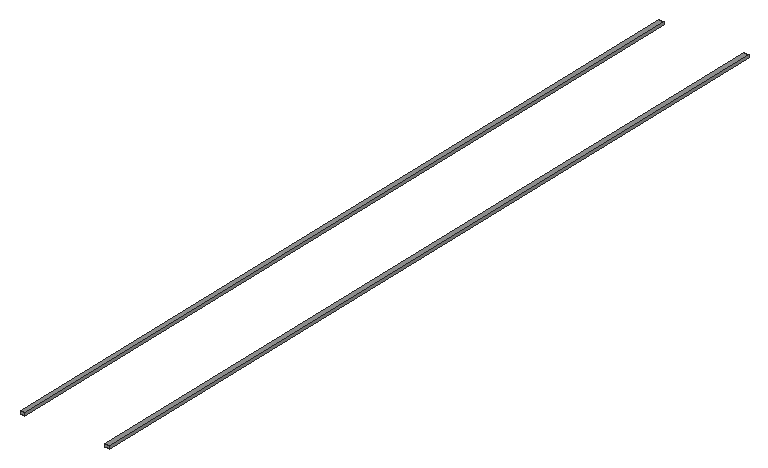
Revit family "Bridge_Pedestrian Path", category Generic Models, Revit 2020
Family settings
  Can host rebar = No
  Round Connector Dimension = Use Diameter
  Part Type = Normal
  Work Plane-Based = No
  Always vertical = Yes
  Cut with Voids When Loaded = No
  Shared = No
  Room Calculation Point = No
Parameters
  Width = 0.5 m
  URL = "https://en.wikipedia.org/wiki/Footbridge"
  Type Comments = "Version 1.0"
  Top_Lighting = yes
  Top_Height = 11 m
  Thickness = 0.2 m
  Slope = 1 (stored number, unit not read)
  Reliability_Class = "CC1"
  Railings_Present = yes
  Pavement_Material = "Concrete"
  Model = "New Phase"
  Manufacturer = "Royal HaskoningDHV - TU Delft"
  Maintenance_Plan = yes
  Level = ""
  Length = 80 m
  Keynote = "CME Master Thesis - Shreenidhi"
  Headroom = 10 m
  Future_Expansion_Feasibility = yes
  Durability_Class = "MX2"
  Design_Life = 25
  Description = "Footpath for the proposed new bridge"
  Deicing_Prevention = yes
  Default Elevation = 0 m
  Chloride_Protection = yes
  Cable_Ducts = yes
  Bottom_Height = 10 m
  Assembly Code = "VD005"
Reference planes (m)
  plane 1 "Center (Front/Back)": y = 0
  plane 2: z = 0
  plane 3 "Center (Left/Right)": x = 0
Forms (m)
  Extrusion 1, solid, material "Concrete, Block pattern formwork"
    sketch origin (0, -0.4, 0) x (1, 0, 0) y (0, 1, 0)
      loop
        line (0.5, 0.4) -> (0, 0.4) -> (0, -79.6) -> (0.5, -79.6) -> (0.5, 0.4)
      loop
        line (8.5, 0.4) -> (8.5, -79.6) -> (9, -79.6) -> (9, 0.4) -> (8.5, 0.4)
    from 0 to 0.25
Dimensions and locks (m)
  aligned and locked: level to plane 2
